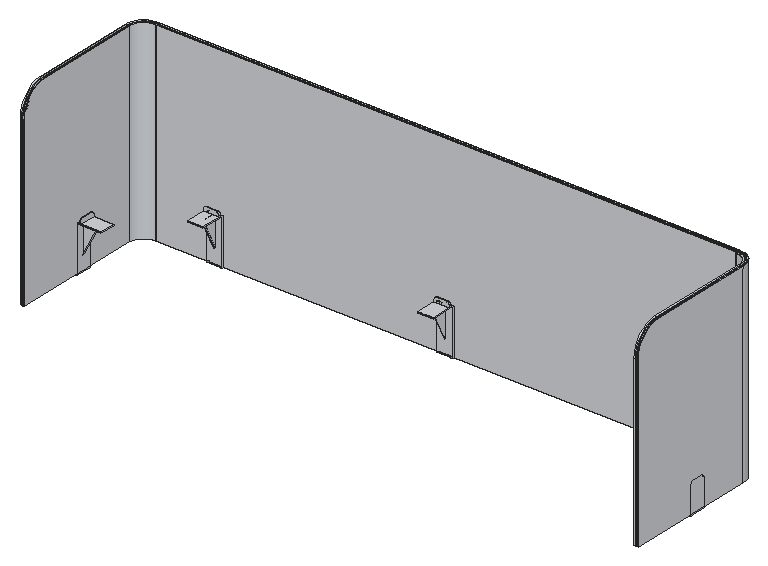
Revit family "BuzziTripl Wrap Desk", category Generic Models, Revit 2018
Family settings
  Can host rebar = No
  Round Connector Dimension = Use Diameter
  Part Type = Normal
  Work Plane-Based = No
  Always vertical = Yes
  Cut with Voids When Loaded = No
  Shared = No
  Room Calculation Point = No
Parameters (values of type "BuzziTripl Wrap Round Corners")
  Side Panel Width [instance] = 1' - 6 129/256"
  Side Bracket Location [instance] = Side Panel Width / 2  # 0' - 9.25195"
  Right [instance] = yes
  Outside Layer = none
  Length [instance] = 6' - 6 189/256"
  Left [instance] = yes
  Height [instance] = 2' - 0 155/256"
  End Type = Rounded Corners End : Rounded Corners End
  Core Material = none
  Bracket Material = none
Types (3): name | Side Panel Width | Side Bracket Location | Length | Height | End Type
  (no name) | 1' - 6 129/256" | 0' - 9.25195" | 6' - 6 189/256" | 2' - 0 155/256" | Rounded Corners End : Rounded Corners End
  BuzziTripl Wrap Round Corners | 1' - 6 129/256" | 0' - 9.25195" | 6' - 6 189/256" | 2' - 0 155/256" | Rounded Corners End : Rounded Corners End
  BuzziTripl Wrap Wedge | 1' - 9" | 0' - 10 1/2" | 6' - 1.06182" | 1' - 5.71654" | Wedge End : Wedge End
Reference planes (in)
  plane 1 "Center (Front/Back)": y = 0
  plane 2: z = 0
  plane 3 "Center (Left/Right)": x = 0
  plane 4: x = -36.9282
  plane 5: x = 36.9282
  plane 6: x = -39.36914
  plane 7: x = 54.53091
  plane 8: x = 39.36914
  plane 9: z = 24.60547
  plane 10: y = -9.25195
  plane 11: x = -29.36914
  plane 12: x = 29.36914
Forms (in)
  Extrusion 1, solid, material <- "Outside Layer"
    sketch origin (0, 0, 0) x (1, 0, 0) y (0, 0, 1)
      loop
        line (-36.9282, 0) -> (36.9282, 0) -> (36.9282, 24.60547) -> (-36.9282, 24.60547) -> (-36.9282, 0)
    from -0.19029 to 0
  Extrusion 2, solid, material <- "Outside Layer"
    sketch origin (0, 0, 0) x (1, 0, 0) y (0, 0, 1)
      loop
        line (-36.9282, 0) -> (36.9282, 0) -> (36.9282, 24.60547) -> (-36.9282, 24.60547) -> (-36.9282, 0)
    from -0.57087 to -0.38058
  Extrusion 3, solid, material <- "Core Material"
    sketch origin (0, 0, 0) x (1, 0, 0) y (0, 0, 1)
      loop
        line (-36.9282, 0) -> (36.9282, 0) -> (36.9282, 24.60547) -> (-36.9282, 24.60547) -> (-36.9282, 0)
    from -0.38058 to -0.19029
Dimensions and locks (in)
  equal spacing: plane 4, plane 3 "Center (Left/Right)", plane 5
  "Length": plane 6 to plane 8
  locked: plane 6 to plane 4 at 2.44094
  locked: plane 8 to plane 5 at 2.44094
  "Height": plane 9 to level
  "Side Bracket Location": plane 10 to plane 1 "Center (Front/Back)"
  locked: plane 6 to plane 11 at 10
  locked: plane 8 to plane 12 at 10
  aligned and locked: plane 2 to level
  aligned and locked: plane 4 to Extrusion 1  (x4)
  aligned and locked: plane 4 to Extrusion 3
  aligned and locked: plane 4 to Extrusion 2
  aligned and locked: Extrusion 1 to plane 5  (x2)
  aligned and locked: Extrusion 3 to plane 5
  aligned and locked: Extrusion 2 to plane 5
  aligned and locked: nested 1 to plane 4
  aligned and locked: nested 1 to plane 1 "Center (Front/Back)"
  aligned and locked: plane 5 to nested 2
  aligned and locked: Extrusion 1 to plane 9
  aligned and locked: Extrusion 3 to plane 9
  aligned and locked: Extrusion 2 to plane 9
  aligned and locked: nested 3 to plane 10
  aligned and locked: plane 10 to nested 4
  aligned and locked: nested 5 to plane 3 "Center (Left/Right)"
  aligned and locked: plane 11 to nested 6
  aligned and locked: nested 7 to plane 12
  aligned and locked: nested 3 to plane 6
  aligned and locked: nested 4 to plane 8
  aligned and locked: plane 1 "Center (Front/Back)" to Extrusion 1
  aligned and locked: nested 2 to plane 1 "Center (Front/Back)"
  aligned and locked: nested 5 to plane 1 "Center (Front/Back)"
  aligned and locked: plane 1 "Center (Front/Back)" to nested 7
  aligned and locked: nested 6 to plane 1 "Center (Front/Back)"
Automatic sketch dimensions
  plane 4 to Extrusion 1 sketch curve = 0' - 0"
  Extrusion 1 sketch curve to level = 0' - 0"
  Extrusion 1 sketch curve to plane 5 = 0' - 0"
  Extrusion 1 sketch curve to plane 9 = 0' - 0"
  plane 4 to Extrusion 2 sketch curve = 0' - 0"
  Extrusion 2 sketch curve to level = 0' - 0"
  Extrusion 2 sketch curve to plane 5 = 0' - 0"
  Extrusion 2 sketch curve to plane 9 = 0' - 0"
  plane 4 to Extrusion 3 sketch curve = 0' - 0"
  Extrusion 3 sketch curve to level = 0' - 0"
  Extrusion 3 sketch curve to plane 5 = 0' - 0"
  Extrusion 3 sketch curve to plane 9 = 0' - 0"
Nested families (in)
  nested 1: "Rounded Corners End" at (-36.9282, 0, 0), visible <- "Left", type <- "End Type", type "Rounded Corners End"
    with Width 1' - 6 129/256", Height 2' - 0 155/256"
  nested 2: "Rounded Corners End" at (36.9282, 0, 0) x (-1, 0, 0) z (0, 0, 1), visible <- "Right", type <- "End Type", type "Rounded Corners End"
    with Width 1' - 6 129/256", Height 2' - 0 155/256"
  nested 3: "Wrap Bracket" at (-39.48793, -9.25195, -1.35827), visible <- "Left", type "Wrap Bracket"
  nested 4: "Wrap Bracket" at (39.48793, -9.25195, -1.35827) x (-1, 0, 0) z (0, 0, 1), visible <- "Right", type "Wrap Bracket"
  nested 5: "Wrap Bracket" at (0, 0.66997, -1.35827) x (0, -1, 0) z (0, 0, 1), type "Wrap Bracket"
  nested 6: "Wrap Bracket" at (-29.36914, 0.66997, -1.35827) x (0, -1, 0) z (0, 0, 1), type "Wrap Bracket"
  nested 7: "Wrap Bracket" at (29.36914, 0.66997, -1.35827) x (0, -1, 0) z (0, 0, 1), type "Wrap Bracket"
Definition of nested family "Rounded Corners End"
  Parameters (values of type "Rounded Corners End")
    Width = 1' - 9 21/256"
    Outside Layer = none
    Height = 1' - 5.71654"
    Core Material = none
  Reference planes (in)
    plane 1 "Center (Front/Back)": y = 0
    plane 2: z = 0
    plane 3 "Center (Left/Right)": x = 0
    plane 4: x = -36.53091
    plane 5: x = 36.53091
    plane 6: z = 17.71654
    plane 7: z = 14.37008
    plane 8: z = 21.62008
    plane 9: y = -17.73557
    plane 10: y = -21.08203
    plane 11: y = -26.68271
  Forms (in)
    Extrusion 1, solid, material <- "Outside Layer"
      sketch origin (0, 0, 0) x (1, 0, 0) y (0, 1, 0)
        loop
          line (-1.87008, -36) -> (-1.87008, -1.87008)
          arc (-1.87008, -1.87008) -> (-1.32235, -0.54773) -> (0, 0) r 1.87008
          line (0, 0) -> (0, 0.19029)
          arc (0, 0.19029) -> (-1.4569, -0.41318) -> (-2.06037, -1.87008) r 2.06037
          line (-2.06037, -1.87008) -> (-2.06037, -36) -> (-1.87008, -36)
      from 0 to 17.71654 <- "Height"
    Extrusion 2, void
      sketch origin (0, 0, 0) x (0, 1, 0) y (0, 0, 1)
        loop
          line (0, 17.71654) -> (0, 21.62008) -> (-44.08203, 21.62008) -> (-44.08203, 0) -> (-21.08203, 0) -> (-21.08203, 14.37008)
          arc (-21.08203, 14.37008) -> (-20.10188, 16.73638) -> (-17.73557, 17.71654) r 3.34646
          line (-17.73557, 17.71654) -> (0, 17.71654)
      from -3.93695 to 0
    Extrusion 3, solid, material <- "Core Material"
      sketch origin (0, 0, 0) x (1, 0, 0) y (0, 1, 0)
        loop
          line (0, 0.19029) -> (0, 0.38058)
          arc (0, 0.38058) -> (-1.59145, -0.27862) -> (-2.25066, -1.87008) r 2.25066
          line (-2.25066, -1.87008) -> (-2.25066, -21.08203) -> (-2.06037, -21.08203) -> (-2.06037, -1.87008)
          arc (-2.06037, -1.87008) -> (-1.4569, -0.41318) -> (0, 0.19029) r 2.06037
      from 0 to 17.71654 <- "Height"
    Extrusion 4, solid, material <- "Outside Layer"
      sketch origin (0, 0, 0) x (1, 0, 0) y (0, 1, 0)
        loop
          line (-2.25066, -21.08203) -> (-2.25066, -1.87008)
          arc (-2.25066, -1.87008) -> (-1.59145, -0.27862) -> (0, 0.38058) r 2.25066
          line (0, 0.38058) -> (0, 0.57087)
          arc (0, 0.57087) -> (-1.72601, -0.14407) -> (-2.44094, -1.87008) r 2.44094
          line (-2.44094, -1.87008) -> (-2.44094, -21.08203) -> (-2.25066, -21.08203)
      from 0 to 17.71654 <- "Height"
  Cuts and joins
    Extrusion 2 cuts Extrusion 1
    Extrusion 2 cuts Extrusion 3
    Extrusion 2 cuts Extrusion 4
  Dimensions and locks (in)
    equal spacing: plane 4, plane 3 "Center (Left/Right)", plane 5
    plane 4 to plane 5 = 6' - 1.06182"
    "Height": level to plane 6
    locked: plane 7 to plane 6 at 3.34646
    locked: plane 6 to plane 8 at 3.90354
    locked: plane 10 to plane 9 at 3.34646
    "Width": plane 10 to plane 1 "Center (Front/Back)"
    radius of Extrusion 2 sketch curve = 0' - 3.34646"
    aligned and locked: plane 2 to level
    aligned and locked: Extrusion 2 sketch curve to plane 6
    aligned and locked: plane 1 "Center (Front/Back)" to Extrusion 2 sketch curve
    aligned and locked: Extrusion 2 sketch curve to plane 8
    aligned and locked: cut or joined group of Extrusion 1, Extrusion 2 to plane 6
    aligned and locked: cut or joined group of Extrusion 2, Extrusion 3 to plane 6
    aligned and locked: cut or joined group of Extrusion 2, Extrusion 4 to plane 6
    aligned and locked: plane 6 to cut or joined group of Extrusion 1, Extrusion 2
    aligned and locked: plane 9 to Extrusion 2 sketch curve
    aligned and locked: cut or joined group of Extrusion 2, Extrusion 3 to plane 10
    aligned and locked: cut or joined group of Extrusion 2, Extrusion 4 to plane 10
    aligned and locked: Extrusion 2 sketch curve to plane 10
  Automatic sketch dimensions
    Extrusion 1 sketch curve to Extrusion 1 sketch curve = 0' - 0"
    Extrusion 1 sketch curve to plane 3 "Center (Left/Right)" = 0' - 0"
    plane 1 "Center (Front/Back)" to Extrusion 1 sketch curve = 0' - 0"
    Extrusion 1 sketch curve to Extrusion 1 sketch curve = 0' - 1.87008"
    Extrusion 1 sketch curve to Extrusion 1 sketch curve = 0' - 0.19029"
    Extrusion 1 sketch curve to Extrusion 1 sketch curve = 2' - 10.12992"
    Extrusion 3 sketch curve to Extrusion 3 sketch curve = 0' - 0"
    Extrusion 3 sketch curve to plane 3 "Center (Left/Right)" = 0' - 0"
    Extrusion 3 sketch curve to plane 3 "Center (Left/Right)" = 0' - 2.06037"
    Extrusion 3 sketch curve to Extrusion 3 sketch curve = 0' - 0.19029"
    plane 1 "Center (Front/Back)" to Extrusion 3 sketch curve = 1' - 9 21/256"
    plane 1 "Center (Front/Back)" to Extrusion 3 sketch curve = 0' - 1.87008"
    Extrusion 4 sketch curve to Extrusion 4 sketch curve = 0' - 0"
    Extrusion 4 sketch curve to plane 3 "Center (Left/Right)" = 0' - 0"
    Extrusion 4 sketch curve to plane 3 "Center (Left/Right)" = 0' - 2.25066"
    Extrusion 4 sketch curve to Extrusion 4 sketch curve = 0' - 0.19029"
    plane 1 "Center (Front/Back)" to Extrusion 4 sketch curve = 1' - 9 21/256"
    plane 1 "Center (Front/Back)" to Extrusion 4 sketch curve = 0' - 1.87008"
    Extrusion 2 sketch curve to level = 0' - 0"
    plane 11 to Extrusion 2 sketch curve = 1' - 5.39932"
Definition of nested family "Wrap Bracket"
  Parameters (values of type "Wrap Bracket")
    Bracket = none
  Reference planes (in)
    plane 1 "Center (Front/Back)": y = 0
    plane 2: z = 0
    plane 3 "Center (Left/Right)": x = 0
    plane 4: x = 0.11879
    plane 5: z = 1.35827
  Forms (in)
    Extrusion 1, solid, material <- "Bracket"
      sketch origin (0, 0, 0) x (1, 0, 0) y (0, 0, 1)
        loop
          line (3.81958, 7.26378) -> (0.83601, 7.26378)
          arc (0.83601, 7.26378) -> (0.71861, 7.21515) -> (0.66997, 7.09774) r 0.16604
          line (0.66997, 7.09774) -> (0.66997, 1.40454)
          arc (0.66997, 1.40454) -> (0.65642, 1.37182) -> (0.62371, 1.35827) r 0.04627
          line (0.62371, 1.35827) -> (0.16465, 1.35827)
          arc (0.16465, 1.35827) -> (0.13222, 1.3717) -> (0.11879, 1.40412) r 0.04585
          line (0.11879, 1.40412) -> (0.11879, 5.17717) -> (0, 5.17717) -> (0, 1.40419)
          arc (0, 1.40419) -> (0.04804, 1.2882) -> (0.16403, 1.24016) r 0.16403
          line (0.16403, 1.24016) -> (0.62044, 1.24016)
          arc (0.62044, 1.24016) -> (0.73898, 1.28926) -> (0.78808, 1.40781) r 0.16765
          line (0.78808, 1.40781) -> (0.78808, 7.09678)
          arc (0.78808, 7.09678) -> (0.8024, 7.13135) -> (0.83697, 7.14567) r 0.04889
          line (0.83697, 7.14567) -> (3.81958, 7.14567) -> (3.81958, 7.26378)
      from -0.98144 to 0.98706
    Extrusion 2, solid, material <- "Bracket"
      sketch origin (0, 0, 0) x (1, 0, 0) y (0, 0, 1)
        loop
          line (1.18178, 7.14567) -> (0.78808, 6.35827) -> (0.78808, 3.20866) -> (2.75659, 7.14567) -> (1.18178, 7.14567)
      from -0.05624 to 0.06187
    Extrusion 3, solid, material <- "Bracket"
      sketch origin (0, 0, 0) x (0, 1, 0) y (0, 0, 1)
        loop
          line (0.98144, 7.26378) -> (0.98144, 7.46113)
          arc (0.98144, 7.46113) -> (0.86627, 7.73916) -> (0.58823, 7.85433) r 0.39321
          line (0.58823, 7.85433) -> (-0.59817, 7.85433)
          arc (-0.59817, 7.85433) -> (-0.87316, 7.74043) -> (-0.98706, 7.46543) r 0.3889
          line (-0.98706, 7.46543) -> (-0.98706, 7.26378) -> (0.98144, 7.26378)
      from 1.12076 to 1.24281
    Extrusion 4, void
      sketch origin (0, 0, 0) x (0, 1, 0) y (0, 0, 1)
        loop
          arc (0.58774, 5.17717) -> (0.86613, 5.06185) -> (0.98144, 4.78346) r 0.3937
          line (0.98144, 4.78346) -> (1.20865, 4.78346) -> (1.20865, 5.44824) -> (-1.1386, 5.44824) -> (-1.1386, 4.78346) -> (-0.98706, 4.78346)
          arc (-0.98706, 4.78346) -> (-0.87175, 5.06185) -> (-0.59336, 5.17717) r 0.3937
          line (-0.59336, 5.17717) -> (0.58774, 5.17717)
      from -0.13634 to 0.50226
  Cuts and joins
    Extrusion 4 cuts Extrusion 1
    Extrusion 4 cuts Extrusion 2
  Dimensions and locks (in)
    aligned and locked: plane 2 to level
